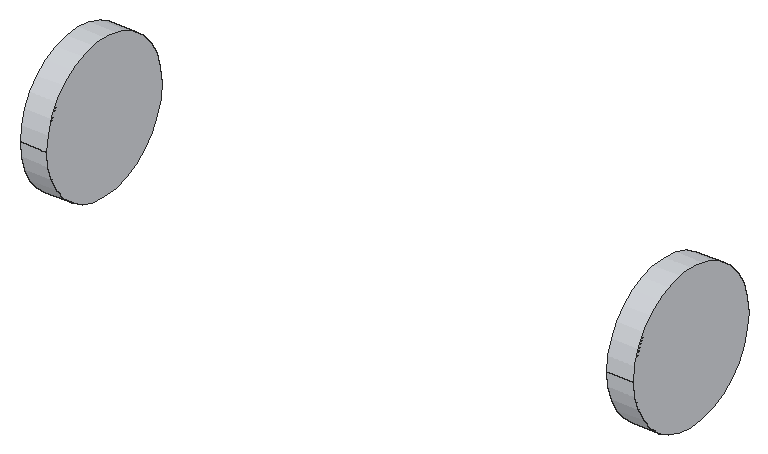
Revit family "SENT315T", category Mechanical Equipment, Revit 2013
Parameters
  Width (including controller) = "1272mm"
  Width (excluding controller) = "1176mm"
  Weight = "88Kg"
  Warranty period = "Unit 2 Years                                       Motor 5 Years"
  Spigot Diameter = "315mm"
  Options = "Weatherproofed and Constant Pressure options"
  Operational and Maintenance Manual = "http://www.vent-axia.com/files/pdf-downloads/432984_0.pdf"
  Operating Temperature = "(-10C to +40C)"
  Length (including Spigots) = "1353mm"
  Length (excluding Spigots) = "1255mm"
  IP Rating  Internal = "IPX2"
  IP Rating  External (WP) = "IPX5"
  Height = "536mm"
  Motor Rating = "173 Watts (max)"
  AC Voltage Input = "220-240 V AC (single phase)"
  Product Description = "Sentinel D-Box Twin Fan"
  Part Number = "SENT315T"
  Manufacturer - Website = "www.vent-axia.com"
  Manufacturer - Name = "Vent-Axia Ltd"
  Manufacturer - Email = "sales@vent-axia.com"
  Manufacturer - Contact Phone = "0844 856 0590"
  Manufacturer - Address = "Fleming Way, Crawley, West Sussex RH10 9YX"
  Country of Manufacture = "UK"
  Category = "Sentinel D-Box Twin Fan"
  AC Frequency Input = "50Hz nominal"
Reference planes
  plane 1 "Center (Front/Back)": y = 0
  plane 2: z = 0
  plane 3 "Center (Left/Right)": x = 0
  plane 4: x = 676.5
  plane 5: y = 588
  plane 6: y = -588
  plane 7 "1": x = -676.5
Forms (mm)
  Extrusion 1, solid
    sketch origin (-676.5, 0, 0) x (0, 0, 1) y (0, -1, 0)
      loop
        circle (266.928, 0) r 157.5
    from 0 to 59.093
  Extrusion 2, solid
    sketch origin (676.5, 0, 0) x (0, 0, 1) y (0, 1, 0)
      loop
        circle (266.928, 0) r 157.5
    from 0 to 59.093
Connectors
  hvac at (676.5, 0, 266.928)
    settings: on Extrusion 2, index 1, duct flow 0.0 L/s, flow factor 0, pres drop 0.0 Pa, loss coef 0, conn angle 0.00°, conn width 304.8 mm, conn height 304.8 mm, conn radius 157.5 mm, duct sys type 3, conn prof type 0, flow config 0, flow direction 1, loss method 0, conn ref index -1, conn util no, is conn primary yes, conn desc ""
  hvac at (-676.5, 0, 266.928)
    settings: on Extrusion 1, index 2, duct flow 0.0 L/s, flow factor 0, pres drop 0.0 Pa, loss coef 0, conn angle 0.00°, conn width 304.8 mm, conn height 304.8 mm, conn radius 157.5 mm, duct sys type 3, conn prof type 0, flow config 0, flow direction 2, loss method 0, conn ref index -1, conn util no, is conn primary no, conn desc ""
